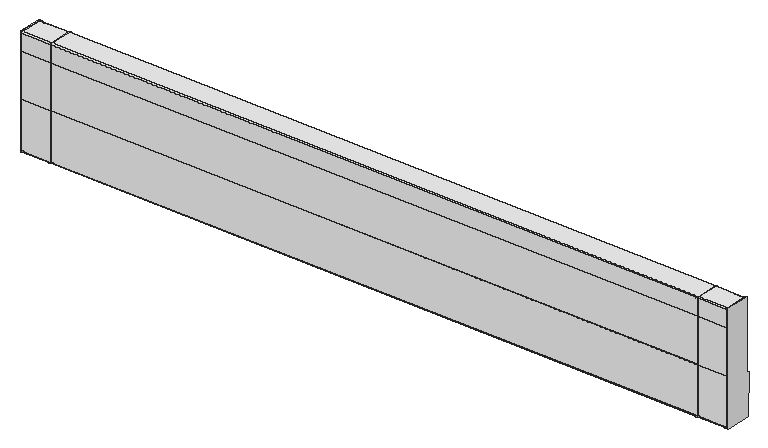
Revit family "ERA-W-DI", category Lighting Fixtures, host Face, Revit 2018
Family settings
  Host = Face
  Round Connector Dimension = Use Diameter
  Part Type = Normal
  Cut with Voids When Loaded = No
  Light Source = Yes
  Shared = Yes
  Room Calculation Point = Yes
Parameters (values of type "4' Direct/ Indirect")
  Wattage = 31.4353 W
  built-in parameter 1150110 = 1 (stored number, unit not read)
  Voltage = 0 V
  built-in parameter 1114217 = 1 (stored number, unit not read)
  built-in parameter 1150109 = 1 (stored number, unit not read)
  built-in parameter 1150134 = 12
  Switch Leg Visibility = no
  Switch Leg [instance] = ""
  built-in parameter 1150113 = 1 (stored number, unit not read)
  Material [instance] = LUX ILLUMINAIRE White
  built-in parameter 1150105 = 850.52 (stored number, unit not read)
  Lumens = 2672 lm
  built-in parameter 1150115 = 1 (stored number, unit not read)
  Light Source Symbol Size = 2' - 0"
  built-in parameter 1150137 = (empty or 0)
  built-in parameter 1150139 = (empty or 0)
  built-in parameter 1150112 = 1 (stored number, unit not read)
  built-in parameter 1150114 = 1 (stored number, unit not read)
  Lamp = "LED"
  built-in parameter 1150132 = 2
  built-in parameter 1150102 = (empty or 0)
  built-in parameter 1150107 = 4000 (stored number, unit not read)
  built-in parameter 1150138 = (empty or 0)
  built-in parameter 1150106 = 8.5052 (stored number, unit not read)
  Fixture Width = 0' - 3 19/128"  # constant formula
  Fixture Symbol Visiblity = yes
  Fixture Length = 3' - 11.99935"
  Emit from Rectangle Width = Fixture Width - 0' 0 1/4"  # 0' - 2 115/128"
  Emit from Rectangle Length = Fixture Length - 0' 4"  # 3' - 7.99935"
  Emit Shape Visible in Rendering = yes
  Emergency Lighting [instance] = no
  built-in parameter 1150104 = 7.8968 (stored number, unit not read)
  Dimming Lamp Color Temperature Shift = <None>
  Default Elevation = 7' - 0"
  Color Filter = 16777215
  built-in parameter 1140040 [instance] = 1
  built-in parameter 1114218 = 1 (stored number, unit not read)
  built-in parameter 1150133 = 10 (stored number, unit not read)
  Apparent Load = 23 VA
Types (2): name | Wattage | built-in parameter 1150105 | Lumens | built-in parameter 1150106 | Fixture Length | Emit from Rectangle Length | Apparent Load
  4' Direct/ Indirect | 31.4353 W | 850.52 (stored number, unit not read) | 2672 lm | 8.5052 (stored number, unit not read) | 3' - 11.99935" | 3' - 7.99935" | 23 VA
  8' Direct/ Indirect | 62.8706 W | 1701 (stored number, unit not read) | 5344 lm | 17.01 (stored number, unit not read) | 8' - 0" | 7' - 8" | 46 VA
Reference planes (in)
  plane 1 "Center (Front/Back)": y = 0
  plane 2: z = 0
  plane 3 "Center (Left/Right)": x = 0
  plane 4: x = 23.99967
  plane 5: x = -23.99967
  plane 6: z = 1
  plane 7: x = 22
  plane 8: x = -22
  plane 9: z = 3.14844
  plane 10: x = 24.0625
  plane 11: x = -24.0625
Forms (in)
  Extrusion 1, solid, not visible
    sketch origin (0, 0, 0) x (1, 0, 0) y (0, 1, 0)
      loop
        circle (0.00029, -24) r 0.1875
    from 0 to 1
  Extrusion 2, solid, not visible
    sketch origin (0, 0, 0) x (1, 0, 0) y (0, 1, 0)
      loop
        circle (0.0005, -24) r 0.03125
    from 1 to 13.33203
  Extrusion 3, solid, not visible
    sketch origin (0, 0, 0) x (1, 0, 0) y (0, 1, 0)
      loop
        circle (0.0005, -24) r 0.18729
    from 13.33203 to 14.08203
  Extrusion 4, solid, not visible
    sketch origin (0, 0, 0) x (0, 1, 0) y (0, 0, 1)
      loop
        line (3.30581, 2.37451) -> (3.49592, 2.71749)
        arc (3.49592, 2.71749) -> (3.51749, 2.73471) -> (3.54491, 2.73161) r 0.036
        line (3.54491, 2.73161) -> (3.63538, 2.68146) -> (3.79893, 2.5908) -> (3.88918, 2.54077)
        arc (3.88918, 2.54077) -> (3.90631, 2.51921) -> (3.90319, 2.49185) r 0.036
        line (3.90319, 2.49185) -> (3.16744, 1.16453)
        arc (3.16744, 1.16453) -> (3.16837, 1.09308) -> (3.23041, 1.05762) r 0.072
        line (3.23041, 1.05762) -> (6.36923, 1.05762) -> (6.36923, 1.09362) -> (9.30923, 1.09362) -> (9.30923, 1.05762) -> (10.4157, 1.05762)
        arc (10.4157, 1.05762) -> (10.46659, 1.07868) -> (10.4877, 1.12954) r 0.072
        line (10.4877, 1.12954) -> (10.4877, 2.57342)
        arc (10.4877, 2.57342) -> (10.45207, 2.63564) -> (10.38036, 2.63623) r 0.072
        line (10.38036, 2.63623) -> (9.91151, 2.37246)
        arc (9.91151, 2.37246) -> (9.88815, 2.35135) -> (9.87604, 2.32229) r 0.072
        line (9.87604, 2.32229) -> (9.67416, 1.20311)
        arc (9.67416, 1.20311) -> (9.66182, 1.18179) -> (9.63866, 1.1734) r 0.036
        line (9.63866, 1.1734) -> (6.01429, 1.17313)
        arc (6.01429, 1.17313) -> (5.99112, 1.18149) -> (5.97875, 1.20279) r 0.036
        line (5.97875, 1.20279) -> (5.74567, 2.48082)
        arc (5.74567, 2.48082) -> (5.75347, 2.51023) -> (5.78101, 2.52316) r 0.036
        line (5.78101, 2.52316) -> (6.5852, 2.52536)
        arc (6.5852, 2.52536) -> (6.62251, 2.56287) -> (6.585, 2.60018) r 0.03741
        line (6.585, 2.60018) -> (3.86937, 2.59292) -> (3.56236, 2.7631)
        arc (3.56236, 2.7631) -> (3.50766, 2.76935) -> (3.46453, 2.73511) r 0.072
        line (3.46453, 2.73511) -> (3.27432, 2.39197) -> (3.30581, 2.37451)
    from -22 to 22
  Extrusion 5, solid, not visible
    sketch origin (0, 0, 0) x (0, 1, 0) y (0, 0, 1)
      loop
        line (3.27432, 2.39197) -> (3.30581, 2.37451) -> (3.49592, 2.71749)
        arc (3.49592, 2.71749) -> (3.51749, 2.73471) -> (3.54491, 2.73161) r 0.036
        line (3.54491, 2.73161) -> (3.63538, 2.68146) -> (3.79893, 2.5908) -> (3.88918, 2.54077)
        arc (3.88918, 2.54077) -> (3.90631, 2.51921) -> (3.90319, 2.49185) r 0.036
        line (3.90319, 2.49185) -> (3.16744, 1.16453)
        arc (3.16744, 1.16453) -> (3.16837, 1.09308) -> (3.23041, 1.05762) r 0.072
        line (3.23041, 1.05762) -> (6.36923, 1.05762) -> (9.30923, 1.05762) -> (10.4157, 1.05762)
        arc (10.4157, 1.05762) -> (10.46662, 1.07871) -> (10.4877, 1.12962) r 0.072
        line (10.4877, 1.12962) -> (10.4877, 2.5735)
        arc (10.4877, 2.5735) -> (10.45205, 2.63565) -> (10.3804, 2.63625) r 0.072
        line (10.3804, 2.63625) -> (9.91151, 2.37246)
        arc (9.91151, 2.37246) -> (9.88815, 2.35135) -> (9.87604, 2.32229) r 0.072
        line (9.87604, 2.32229) -> (9.67416, 1.20311)
        arc (9.67416, 1.20311) -> (9.66182, 1.18179) -> (9.63866, 1.1734) r 0.036
        line (9.63866, 1.1734) -> (6.01429, 1.17313)
        arc (6.01429, 1.17313) -> (5.99112, 1.18149) -> (5.97875, 1.20279) r 0.036
        line (5.97875, 1.20279) -> (5.74567, 2.48082)
        arc (5.74567, 2.48082) -> (5.75347, 2.51023) -> (5.78101, 2.52316) r 0.036
        line (5.78101, 2.52316) -> (6.5852, 2.52536)
        arc (6.5852, 2.52536) -> (6.62251, 2.56287) -> (6.585, 2.60018) r 0.03741
        line (6.585, 2.60018) -> (3.86937, 2.59292) -> (3.56236, 2.7631)
        arc (3.56236, 2.7631) -> (3.50766, 2.76935) -> (3.46453, 2.73511) r 0.072
        line (3.46453, 2.73511) -> (3.27432, 2.39197)
    from 22 to 24
  Extrusion 6, solid, not visible
    sketch origin (0, 0, 0) x (0, 1, 0) y (0, 0, -1)
      loop
        line (3.27432, -2.39197) -> (3.46453, -2.73511)
        arc (3.46453, -2.73511) -> (3.50766, -2.76935) -> (3.56236, -2.7631) r 0.072
        line (3.56236, -2.7631) -> (3.86937, -2.59292) -> (6.585, -2.60018)
        arc (6.585, -2.60018) -> (6.62251, -2.56287) -> (6.5852, -2.52536) r 0.03741
        line (6.5852, -2.52536) -> (5.78101, -2.52316)
        arc (5.78101, -2.52316) -> (5.75347, -2.51023) -> (5.74567, -2.48082) r 0.036
        line (5.74567, -2.48082) -> (5.97875, -1.20279)
        arc (5.97875, -1.20279) -> (5.99112, -1.18149) -> (6.01429, -1.17313) r 0.036
        line (6.01429, -1.17313) -> (9.63866, -1.1734)
        arc (9.63866, -1.1734) -> (9.66182, -1.18179) -> (9.67416, -1.20311) r 0.036
        line (9.67416, -1.20311) -> (9.87604, -2.32229)
        arc (9.87604, -2.32229) -> (9.88815, -2.35135) -> (9.91151, -2.37246) r 0.072
        line (9.91151, -2.37246) -> (10.3804, -2.63625)
        arc (10.3804, -2.63625) -> (10.45205, -2.63565) -> (10.4877, -2.5735) r 0.072
        line (10.4877, -2.5735) -> (10.4877, -1.12962)
        arc (10.4877, -1.12962) -> (10.46662, -1.07871) -> (10.4157, -1.05762) r 0.072
        line (10.4157, -1.05762) -> (9.30923, -1.05762) -> (6.36923, -1.05762) -> (3.23041, -1.05762)
        arc (3.23041, -1.05762) -> (3.16837, -1.09308) -> (3.16744, -1.16453) r 0.072
        line (3.16744, -1.16453) -> (3.90319, -2.49185)
        arc (3.90319, -2.49185) -> (3.90631, -2.51921) -> (3.88918, -2.54077) r 0.036
        line (3.88918, -2.54077) -> (3.79893, -2.5908) -> (3.63538, -2.68146) -> (3.54491, -2.73161)
        arc (3.54491, -2.73161) -> (3.51749, -2.73471) -> (3.49592, -2.71749) r 0.036
        line (3.49592, -2.71749) -> (3.30581, -2.37451) -> (3.27432, -2.39197)
    from 22 to 24
  Extrusion 7, solid, not visible
    sketch origin (0, 0, 0) x (0, 1, 0) y (0, 0, 1)
      loop
        line (3.14702, 2.71777) -> (3.14702, 1.13762)
        arc (3.14702, 1.13762) -> (3.17046, 1.08105) -> (3.22702, 1.05762) r 0.08
        line (3.22702, 1.05762) -> (6.82136, 1.05762) -> (10.4157, 1.05762)
        arc (10.4157, 1.05762) -> (10.47227, 1.08105) -> (10.4957, 1.13762) r 0.08
        line (10.4957, 1.13762) -> (10.4957, 2.61014)
        arc (10.4957, 2.61014) -> (10.47227, 2.66671) -> (10.4157, 2.69014) r 0.08
        line (10.4157, 2.69014) -> (5.93299, 2.69014)
        arc (5.93299, 2.69014) -> (5.90753, 2.70069) -> (5.89699, 2.72614) r 0.036
        line (5.89699, 2.72614) -> (5.89699, 2.76177)
        arc (5.89699, 2.76177) -> (5.88644, 2.78722) -> (5.86099, 2.79777) r 0.036
        line (5.86099, 2.79777) -> (3.22702, 2.79777)
        arc (3.22702, 2.79777) -> (3.17046, 2.77434) -> (3.14702, 2.71777) r 0.08
    from 24 to 24.0625
  Extrusion 8, solid, not visible
    sketch origin (0, 0, 0) x (0, 1, 0) y (0, 0, -1)
      loop
        arc (3.14702, -2.71777) -> (3.17046, -2.77434) -> (3.22702, -2.79777) r 0.08
        line (3.22702, -2.79777) -> (5.86099, -2.79777)
        arc (5.86099, -2.79777) -> (5.88644, -2.78722) -> (5.89699, -2.76177) r 0.036
        line (5.89699, -2.76177) -> (5.89699, -2.72614)
        arc (5.89699, -2.72614) -> (5.90753, -2.70069) -> (5.93299, -2.69014) r 0.036
        line (5.93299, -2.69014) -> (10.4157, -2.69014)
        arc (10.4157, -2.69014) -> (10.47227, -2.66671) -> (10.4957, -2.61014) r 0.08
        line (10.4957, -2.61014) -> (10.4957, -1.13762)
        arc (10.4957, -1.13762) -> (10.47227, -1.08105) -> (10.4157, -1.05762) r 0.08
        line (10.4157, -1.05762) -> (6.82136, -1.05762) -> (3.22702, -1.05762)
        arc (3.22702, -1.05762) -> (3.17046, -1.08105) -> (3.14702, -1.13762) r 0.08
        line (3.14702, -1.13762) -> (3.14702, -2.71777)
    from 24 to 24.0625
  Extrusion 9, solid, material "LUX ILLUMINAIRE White" <- "Material"
    sketch origin (0, -2.69492, -3.11938) x (0, 0, 1) y (0, -1, 0)
      loop
        line (3.30581, -2.37451) -> (3.27432, -2.39197) -> (3.46453, -2.73511)
        arc (3.46453, -2.73511) -> (3.50766, -2.76935) -> (3.56236, -2.7631) r 0.072
        line (3.56236, -2.7631) -> (3.86937, -2.59292) -> (6.585, -2.60018)
        arc (6.585, -2.60018) -> (6.62251, -2.56287) -> (6.5852, -2.52536) r 0.03741
        line (6.5852, -2.52536) -> (5.78101, -2.52316)
        arc (5.78101, -2.52316) -> (5.75347, -2.51023) -> (5.74567, -2.48082) r 0.036
        line (5.74567, -2.48082) -> (5.97875, -1.20279)
        arc (5.97875, -1.20279) -> (5.99112, -1.18149) -> (6.01429, -1.17313) r 0.036
        line (6.01429, -1.17313) -> (9.63866, -1.1734)
        arc (9.63866, -1.1734) -> (9.66182, -1.18179) -> (9.67416, -1.20311) r 0.036
        line (9.67416, -1.20311) -> (9.87604, -2.32229)
        arc (9.87604, -2.32229) -> (9.88815, -2.35135) -> (9.91151, -2.37246) r 0.072
        line (9.91151, -2.37246) -> (10.38036, -2.63623)
        arc (10.38036, -2.63623) -> (10.45207, -2.63564) -> (10.4877, -2.57342) r 0.072
        line (10.4877, -2.57342) -> (10.4877, -1.12954)
        arc (10.4877, -1.12954) -> (10.46659, -1.07868) -> (10.4157, -1.05762) r 0.072
        line (10.4157, -1.05762) -> (9.30923, -1.05762) -> (9.30923, -1.09362) -> (6.36923, -1.09362) -> (6.36923, -1.05762) -> (3.23041, -1.05762)
        arc (3.23041, -1.05762) -> (3.16837, -1.09308) -> (3.16744, -1.16453) r 0.072
        line (3.16744, -1.16453) -> (3.90319, -2.49185)
        arc (3.90319, -2.49185) -> (3.90631, -2.51921) -> (3.88918, -2.54077) r 0.036
        line (3.88918, -2.54077) -> (3.79893, -2.5908) -> (3.63538, -2.68146) -> (3.54491, -2.73161)
        arc (3.54491, -2.73161) -> (3.51749, -2.73471) -> (3.49592, -2.71749) r 0.036
        line (3.49592, -2.71749) -> (3.30581, -2.37451)
    from -22 to 22
  Extrusion 10, solid, material "LUX ILLUMINAIRE White" <- "Material"
    sketch origin (0, -2.69492, -3.11938) x (0, 0, 1) y (0, -1, 0)
      loop
        line (3.27432, -2.39197) -> (3.46453, -2.73511)
        arc (3.46453, -2.73511) -> (3.50766, -2.76935) -> (3.56236, -2.7631) r 0.072
        line (3.56236, -2.7631) -> (3.86937, -2.59292) -> (6.585, -2.60018)
        arc (6.585, -2.60018) -> (6.62251, -2.56287) -> (6.5852, -2.52536) r 0.03741
        line (6.5852, -2.52536) -> (5.78101, -2.52316)
        arc (5.78101, -2.52316) -> (5.75347, -2.51023) -> (5.74567, -2.48082) r 0.036
        line (5.74567, -2.48082) -> (5.97875, -1.20279)
        arc (5.97875, -1.20279) -> (5.99112, -1.18149) -> (6.01429, -1.17313) r 0.036
        line (6.01429, -1.17313) -> (9.63866, -1.1734)
        arc (9.63866, -1.1734) -> (9.66182, -1.18179) -> (9.67416, -1.20311) r 0.036
        line (9.67416, -1.20311) -> (9.87604, -2.32229)
        arc (9.87604, -2.32229) -> (9.88815, -2.35135) -> (9.91151, -2.37246) r 0.072
        line (9.91151, -2.37246) -> (10.38036, -2.63623)
        arc (10.38036, -2.63623) -> (10.45207, -2.63564) -> (10.4877, -2.57342) r 0.072
        line (10.4877, -2.57342) -> (10.4877, -1.12954)
        arc (10.4877, -1.12954) -> (10.46659, -1.07868) -> (10.4157, -1.05762) r 0.072
        line (10.4157, -1.05762) -> (9.30923, -1.05762) -> (6.36923, -1.05762) -> (3.23041, -1.05762)
        arc (3.23041, -1.05762) -> (3.16837, -1.09308) -> (3.16744, -1.16453) r 0.072
        line (3.16744, -1.16453) -> (3.90319, -2.49185)
        arc (3.90319, -2.49185) -> (3.90631, -2.51921) -> (3.88918, -2.54077) r 0.036
        line (3.88918, -2.54077) -> (3.79893, -2.5908) -> (3.63538, -2.68146) -> (3.54491, -2.73161)
        arc (3.54491, -2.73161) -> (3.51749, -2.73471) -> (3.49592, -2.71749) r 0.036
        line (3.49592, -2.71749) -> (3.30581, -2.37451) -> (3.27432, -2.39197)
    from 22 to 23.99967
  Extrusion 11, solid, material "LUX ILLUMINAIRE White" <- "Material"
    sketch origin (0, -2.69492, -3.11938) x (0, 0, 1) y (0, 1, 0)
      loop
        line (3.27432, 2.39197) -> (3.30581, 2.37451) -> (3.49592, 2.71749)
        arc (3.49592, 2.71749) -> (3.51749, 2.73471) -> (3.54491, 2.73161) r 0.036
        line (3.54491, 2.73161) -> (3.63538, 2.68146) -> (3.79893, 2.5908) -> (3.88918, 2.54077)
        arc (3.88918, 2.54077) -> (3.90631, 2.51921) -> (3.90319, 2.49185) r 0.036
        line (3.90319, 2.49185) -> (3.16744, 1.16453)
        arc (3.16744, 1.16453) -> (3.16837, 1.09308) -> (3.23041, 1.05762) r 0.072
        line (3.23041, 1.05762) -> (6.36923, 1.05762) -> (9.30923, 1.05762) -> (10.4157, 1.05762)
        arc (10.4157, 1.05762) -> (10.46659, 1.07868) -> (10.4877, 1.12954) r 0.072
        line (10.4877, 1.12954) -> (10.4877, 2.57342)
        arc (10.4877, 2.57342) -> (10.45207, 2.63564) -> (10.38036, 2.63623) r 0.072
        line (10.38036, 2.63623) -> (9.91151, 2.37246)
        arc (9.91151, 2.37246) -> (9.88815, 2.35135) -> (9.87604, 2.32229) r 0.072
        line (9.87604, 2.32229) -> (9.67416, 1.20311)
        arc (9.67416, 1.20311) -> (9.66182, 1.18179) -> (9.63866, 1.1734) r 0.036
        line (9.63866, 1.1734) -> (6.01429, 1.17313)
        arc (6.01429, 1.17313) -> (5.99112, 1.18149) -> (5.97875, 1.20279) r 0.036
        line (5.97875, 1.20279) -> (5.74567, 2.48082)
        arc (5.74567, 2.48082) -> (5.75347, 2.51023) -> (5.78101, 2.52316) r 0.036
        line (5.78101, 2.52316) -> (6.5852, 2.52536)
        arc (6.5852, 2.52536) -> (6.62251, 2.56287) -> (6.585, 2.60018) r 0.03741
        line (6.585, 2.60018) -> (3.86937, 2.59292) -> (3.56236, 2.7631)
        arc (3.56236, 2.7631) -> (3.50766, 2.76935) -> (3.46453, 2.73511) r 0.072
        line (3.46453, 2.73511) -> (3.27432, 2.39197)
    from 23.99967 to 22
  Extrusion 12, solid, material "LUX ILLUMINAIRE White" <- "Material"
    sketch origin (0, -2.69492, -3.11938) x (0, 0, 1) y (0, -1, 0)
      loop
        arc (3.14702, -2.71777) -> (3.17046, -2.77434) -> (3.22702, -2.79777) r 0.08
        line (3.22702, -2.79777) -> (5.86099, -2.79777)
        arc (5.86099, -2.79777) -> (5.88644, -2.78722) -> (5.89699, -2.76177) r 0.036
        line (5.89699, -2.76177) -> (5.89699, -2.72614)
        arc (5.89699, -2.72614) -> (5.90753, -2.70069) -> (5.93299, -2.69014) r 0.036
        line (5.93299, -2.69014) -> (10.4157, -2.69014)
        arc (10.4157, -2.69014) -> (10.47227, -2.66671) -> (10.4957, -2.61014) r 0.08
        line (10.4957, -2.61014) -> (10.4957, -1.13762)
        arc (10.4957, -1.13762) -> (10.47227, -1.08105) -> (10.4157, -1.05762) r 0.08
        line (10.4157, -1.05762) -> (6.82136, -1.05762) -> (3.22702, -1.05762)
        arc (3.22702, -1.05762) -> (3.17046, -1.08105) -> (3.14702, -1.13762) r 0.08
        line (3.14702, -1.13762) -> (3.14702, -2.71777)
    from 23.99967 to 24.0625
  Extrusion 13, solid, material "LUX ILLUMINAIRE White" <- "Material"
    sketch origin (0, -2.69492, -3.11938) x (0, 0, 1) y (0, 1, 0)
      loop
        line (3.14702, 2.71777) -> (3.14702, 1.13762)
        arc (3.14702, 1.13762) -> (3.17046, 1.08105) -> (3.22702, 1.05762) r 0.08
        line (3.22702, 1.05762) -> (6.82136, 1.05762) -> (10.4157, 1.05762)
        arc (10.4157, 1.05762) -> (10.47227, 1.08105) -> (10.4957, 1.13762) r 0.08
        line (10.4957, 1.13762) -> (10.4957, 2.61014)
        arc (10.4957, 2.61014) -> (10.47227, 2.66671) -> (10.4157, 2.69014) r 0.08
        line (10.4157, 2.69014) -> (5.93299, 2.69014)
        arc (5.93299, 2.69014) -> (5.90753, 2.70069) -> (5.89699, 2.72614) r 0.036
        line (5.89699, 2.72614) -> (5.89699, 2.76177)
        arc (5.89699, 2.76177) -> (5.88644, 2.78722) -> (5.86099, 2.79777) r 0.036
        line (5.86099, 2.79777) -> (3.22702, 2.79777)
        arc (3.22702, 2.79777) -> (3.17046, 2.77434) -> (3.14702, 2.71777) r 0.08
    from 23.99967 to 24.0625
Lines and regions (in)
  symbolic lines, visible <- "Fixture Symbol Visiblity"
    curve 1: line (23.99967, 0, 7.43631) -> (-23.99967, 0, 7.43631)
    curve 2: line (23.99967, 0, 0.09334) -> (23.99967, 0, 7.43631)
    curve 3: line (-23.99967, 0, 0.09334) -> (23.99967, 0, 0.09334)
    curve 4: line (-23.99967, 0, 7.43631) -> (-23.99967, 0, 0.09334)
Dimensions and locks (in)
  plane 5 to plane 4 = 3' - 11.99935"
  plane 4 to plane 5 = 3' - 11.99935"
  equal spacing: plane 4, plane 3 "Center (Left/Right)", plane 5
  "Fixture Length": plane 4 to plane 5
  "Fixture Width": plane 9 to level
  locked: plane 8 to plane 5 at 1.99967
  locked: plane 4 to plane 7 at 1.99967
  locked: plane 5 to plane 11 at 0.06283
  locked: plane 4 to plane 10 at 0.06283
  aligned and locked: plane 2 to host face
  aligned and locked: level to host face
  aligned and locked: plane 5 to curve 4
  aligned and locked: curve 2 to plane 4
  aligned and locked: plane 4 to nested 2
  aligned and locked: nested 2 to plane 5
  aligned and locked: plane 11 to Extrusion 13
  aligned and locked: plane 5 to Extrusion 13
  aligned and locked: Extrusion 11 to plane 5
  aligned and locked: plane 8 to Extrusion 11
  aligned and locked: Extrusion 9 to plane 8
  aligned and locked: Extrusion 12 to plane 10
  aligned and locked: Extrusion 12 to plane 4
  aligned and locked: plane 4 to Extrusion 10
  aligned and locked: Extrusion 10 to plane 7
  aligned and locked: plane 7 to Extrusion 9
Automatic sketch dimensions
  Extrusion 4 sketch curve to Extrusion 4 sketch curve = 0' - 0"  (x17)
  Extrusion 4 sketch curve to Extrusion 4 sketch curve = 0' - 0.04391"
  Extrusion 4 sketch curve to Extrusion 4 sketch curve = 0' - 0.03149"  (x2)
  Extrusion 4 sketch curve to Extrusion 4 sketch curve = 0' - 0.19021"
  Extrusion 4 sketch curve to Extrusion 4 sketch curve = 0' - 0.03139"
  Extrusion 4 sketch curve to Extrusion 4 sketch curve = 0' - 0.03154"
  Extrusion 4 sketch curve to Extrusion 4 sketch curve = 0' - 0.10792"
  Extrusion 4 sketch curve to Extrusion 4 sketch curve = 0' - 0.16355"
  Extrusion 4 sketch curve to Extrusion 4 sketch curve = 0' - 0.07043"
  Extrusion 4 sketch curve to Extrusion 4 sketch curve = 0' - 0.00233"
  Extrusion 4 sketch curve to Extrusion 4 sketch curve = 0' - 0.01749"
  Extrusion 4 sketch curve to Extrusion 4 sketch curve = 0' - 1.85649"
  Extrusion 4 sketch curve to Extrusion 4 sketch curve = 0' - 0.03544"  (x2)
  Extrusion 4 sketch curve to Extrusion 4 sketch curve = 0' - 0.23308"
  Extrusion 4 sketch curve to Extrusion 4 sketch curve = 0' - 0.0001"  (x4)
  Extrusion 4 sketch curve to Extrusion 4 sketch curve = 0' - 0.35494"
  Extrusion 4 sketch curve to Extrusion 4 sketch curve = 0' - 0.80399"
  Extrusion 4 sketch curve to Extrusion 4 sketch curve = 0' - 2.94"
  Extrusion 4 sketch curve to Extrusion 4 sketch curve = 0' - 0.32943"
  Extrusion 4 sketch curve to Extrusion 4 sketch curve = 0' - 0.00006"
  Extrusion 4 sketch curve to Extrusion 4 sketch curve = 0' - 0.03545"
  Extrusion 4 sketch curve to Extrusion 4 sketch curve = 0' - 0.20188"
  Extrusion 4 sketch curve to Extrusion 4 sketch curve = 0' - 0.03547"
  Extrusion 4 sketch curve to Extrusion 4 sketch curve = 0' - 0.07091"
  Extrusion 4 sketch curve to Extrusion 4 sketch curve = 0' - 0.46886"
  Extrusion 4 sketch curve to Extrusion 4 sketch curve = 0' - 0.74154"
  Extrusion 4 sketch curve to Extrusion 4 sketch curve = 0' - 0.03534"
  Extrusion 4 sketch curve to Extrusion 4 sketch curve = 0' - 0.072"  (x2)
  Extrusion 4 sketch curve to Extrusion 4 sketch curve = 0' - 0.036"
  Extrusion 4 sketch curve to Extrusion 4 sketch curve = 0' - 0.07192"
  Extrusion 4 sketch curve to Extrusion 4 sketch curve = 0' - 0.07951"
  Extrusion 4 sketch curve to Extrusion 4 sketch curve = 0' - 0.07978"
  Extrusion 4 sketch curve to Extrusion 4 sketch curve = 0' - 0.02966"
  Extrusion 4 sketch curve to Extrusion 4 sketch curve = 0' - 0.0297"
  Extrusion 4 sketch curve to Extrusion 4 sketch curve = 0' - 1.10668"
  Extrusion 4 sketch curve to Extrusion 4 sketch curve = 0' - 0.0125"
  Extrusion 4 sketch curve to Extrusion 4 sketch curve = 0' - 1.24489"
  Extrusion 4 sketch curve to Extrusion 4 sketch curve = 0' - 0.01745"  (x3)
  Extrusion 4 sketch curve to Extrusion 4 sketch curve = 0' - 1.27803"
  Extrusion 4 sketch curve to Extrusion 4 sketch curve = 0' - 0.00634"
  Extrusion 4 sketch curve to Extrusion 4 sketch curve = 0' - 0.13479"
  Extrusion 4 sketch curve to Extrusion 4 sketch curve = 0' - 0.03147"
  Extrusion 4 sketch curve to Extrusion 4 sketch curve = 0' - 0.07561"
  Extrusion 4 sketch curve to Extrusion 4 sketch curve = 0' - 0.26363"
  Extrusion 4 sketch curve to Extrusion 4 sketch curve = 0' - 0.00008"
  Extrusion 4 sketch curve to Extrusion 4 sketch curve = 0' - 0.05003"
  Extrusion 4 sketch curve to Extrusion 4 sketch curve = 0' - 0.05215"
  Extrusion 4 sketch curve to Extrusion 4 sketch curve = 0' - 0.09066"
  Extrusion 4 sketch curve to Extrusion 4 sketch curve = 0' - 0.01866"
  Extrusion 4 sketch curve to Extrusion 4 sketch curve = 0' - 0.01736"
  Extrusion 4 sketch curve to Extrusion 4 sketch curve = 0' - 0.01762"
  Extrusion 4 sketch curve to Extrusion 4 sketch curve = 0' - 0.06297"
  Extrusion 4 sketch curve to Extrusion 4 sketch curve = 0' - 0.03741"
  Extrusion 5 sketch curve to Extrusion 5 sketch curve = 0' - 0"  (x21)
  Extrusion 5 sketch curve to Extrusion 5 sketch curve = 0' - 0.04391"
  Extrusion 5 sketch curve to Extrusion 5 sketch curve = 0' - 0.03149"  (x2)
  Extrusion 5 sketch curve to Extrusion 5 sketch curve = 0' - 0.19021"
  Extrusion 5 sketch curve to Extrusion 5 sketch curve = 0' - 0.03139"
  Extrusion 5 sketch curve to Extrusion 5 sketch curve = 0' - 0.03154"
  Extrusion 5 sketch curve to Extrusion 5 sketch curve = 0' - 0.34191"
  Extrusion 5 sketch curve to Extrusion 5 sketch curve = 0' - 0.00233"
  Extrusion 5 sketch curve to Extrusion 5 sketch curve = 0' - 0.01749"
  Extrusion 5 sketch curve to Extrusion 5 sketch curve = 0' - 1.85649"
  Extrusion 5 sketch curve to Extrusion 5 sketch curve = 0' - 0.03544"  (x2)
  Extrusion 5 sketch curve to Extrusion 5 sketch curve = 0' - 0.23308"
  Extrusion 5 sketch curve to Extrusion 5 sketch curve = 0' - 0.0001"  (x4)
  Extrusion 5 sketch curve to Extrusion 5 sketch curve = 0' - 0.35494"
  Extrusion 5 sketch curve to Extrusion 5 sketch curve = 0' - 0.80399"
  Extrusion 5 sketch curve to Extrusion 5 sketch curve = 0' - 2.94"
  Extrusion 5 sketch curve to Extrusion 5 sketch curve = 0' - 0.32943"
  Extrusion 5 sketch curve to Extrusion 5 sketch curve = 0' - 0.00006"
  Extrusion 5 sketch curve to Extrusion 5 sketch curve = 0' - 0.03545"
  Extrusion 5 sketch curve to Extrusion 5 sketch curve = 0' - 0.20188"
  Extrusion 5 sketch curve to Extrusion 5 sketch curve = 0' - 0.03547"
  Extrusion 5 sketch curve to Extrusion 5 sketch curve = 0' - 0.07091"
  Extrusion 5 sketch curve to Extrusion 5 sketch curve = 0' - 0.46889"
  Extrusion 5 sketch curve to Extrusion 5 sketch curve = 0' - 0.74154"
  Extrusion 5 sketch curve to Extrusion 5 sketch curve = 0' - 0.0353"
  Extrusion 5 sketch curve to Extrusion 5 sketch curve = 0' - 0.072"  (x3)
  Extrusion 5 sketch curve to Extrusion 5 sketch curve = 0' - 0.11551"
  Extrusion 5 sketch curve to Extrusion 5 sketch curve = 0' - 0.11578"
  Extrusion 5 sketch curve to Extrusion 5 sketch curve = 0' - 0.02966"
  Extrusion 5 sketch curve to Extrusion 5 sketch curve = 0' - 0.0297"
  Extrusion 5 sketch curve to Extrusion 5 sketch curve = 0' - 1.10668"
  Extrusion 5 sketch curve to Extrusion 5 sketch curve = 0' - 0.0125"
  Extrusion 5 sketch curve to Extrusion 5 sketch curve = 0' - 1.24489"
  Extrusion 5 sketch curve to Extrusion 5 sketch curve = 0' - 0.01745"  (x3)
  Extrusion 5 sketch curve to Extrusion 5 sketch curve = 0' - 1.27803"
  Extrusion 5 sketch curve to Extrusion 5 sketch curve = 0' - 0.00634"
  Extrusion 5 sketch curve to Extrusion 5 sketch curve = 0' - 0.13479"
  Extrusion 5 sketch curve to Extrusion 5 sketch curve = 0' - 0.03147"
  Extrusion 5 sketch curve to Extrusion 5 sketch curve = 0' - 0.07561"
  Extrusion 5 sketch curve to Extrusion 5 sketch curve = 0' - 0.26371"
  Extrusion 5 sketch curve to Extrusion 5 sketch curve = 0' - 0.05215"
  Extrusion 5 sketch curve to Extrusion 5 sketch curve = 0' - 0.1072"
  Extrusion 5 sketch curve to Extrusion 5 sketch curve = 0' - 0.01736"
  Extrusion 5 sketch curve to Extrusion 5 sketch curve = 0' - 0.01762"
  Extrusion 5 sketch curve to Extrusion 5 sketch curve = 0' - 0.06297"
  Extrusion 5 sketch curve to Extrusion 5 sketch curve = 0' - 0.09047"
  Extrusion 5 sketch curve to Extrusion 5 sketch curve = 0' - 0.07043"
  Extrusion 5 sketch curve to Extrusion 5 sketch curve = 0' - 0.03741"
  Extrusion 5 sketch curve to Extrusion 5 sketch curve = 0' - 0.00212"
  Extrusion 5 sketch curve to Extrusion 5 sketch curve = 0' - 0.05015"
  Extrusion 6 sketch curve to Extrusion 6 sketch curve = 0' - 0"  (x21)
  Extrusion 6 sketch curve to Extrusion 6 sketch curve = 0' - 0.04391"
  Extrusion 6 sketch curve to Extrusion 6 sketch curve = 0' - 0.03149"  (x2)
  Extrusion 6 sketch curve to Extrusion 6 sketch curve = 0' - 0.19021"
  Extrusion 6 sketch curve to Extrusion 6 sketch curve = 0' - 0.03139"
  Extrusion 6 sketch curve to Extrusion 6 sketch curve = 0' - 0.03154"
  Extrusion 6 sketch curve to Extrusion 6 sketch curve = 0' - 0.34191"
  Extrusion 6 sketch curve to Extrusion 6 sketch curve = 0' - 0.00233"
  Extrusion 6 sketch curve to Extrusion 6 sketch curve = 0' - 0.01749"
  Extrusion 6 sketch curve to Extrusion 6 sketch curve = 0' - 1.85649"
  Extrusion 6 sketch curve to Extrusion 6 sketch curve = 0' - 0.03544"  (x2)
  Extrusion 6 sketch curve to Extrusion 6 sketch curve = 0' - 0.23308"
  Extrusion 6 sketch curve to Extrusion 6 sketch curve = 0' - 0.0001"  (x4)
  Extrusion 6 sketch curve to Extrusion 6 sketch curve = 0' - 0.35494"
  Extrusion 6 sketch curve to Extrusion 6 sketch curve = 0' - 0.80399"
  Extrusion 6 sketch curve to Extrusion 6 sketch curve = 0' - 2.94"
  Extrusion 6 sketch curve to Extrusion 6 sketch curve = 0' - 0.32943"
  Extrusion 6 sketch curve to Extrusion 6 sketch curve = 0' - 0.00006"
  Extrusion 6 sketch curve to Extrusion 6 sketch curve = 0' - 0.03545"
  Extrusion 6 sketch curve to Extrusion 6 sketch curve = 0' - 0.20188"
  Extrusion 6 sketch curve to Extrusion 6 sketch curve = 0' - 0.03547"
  Extrusion 6 sketch curve to Extrusion 6 sketch curve = 0' - 0.07091"
  Extrusion 6 sketch curve to Extrusion 6 sketch curve = 0' - 0.46889"
  Extrusion 6 sketch curve to Extrusion 6 sketch curve = 0' - 0.74154"
  Extrusion 6 sketch curve to Extrusion 6 sketch curve = 0' - 0.0353"
  Extrusion 6 sketch curve to Extrusion 6 sketch curve = 0' - 0.072"
  Extrusion 6 sketch curve to Extrusion 6 sketch curve = 0' - 0.01762"
  Extrusion 6 sketch curve to Extrusion 6 sketch curve = 0' - 0.01736"
  Extrusion 6 sketch curve to Extrusion 6 sketch curve = 0' - 0.06387"
  Extrusion 6 sketch curve to Extrusion 6 sketch curve = 0' - 0.1072"
  Extrusion 6 sketch curve to Extrusion 6 sketch curve = 0' - 0.06275"
  Extrusion 6 sketch curve to Extrusion 6 sketch curve = 0' - 0.03015"
  Extrusion 6 sketch curve to Extrusion 6 sketch curve = 0' - 0.05215"
  Extrusion 6 sketch curve to Extrusion 6 sketch curve = 0' - 0.03147"
  Extrusion 6 sketch curve to Extrusion 6 sketch curve = 0' - 0.07561"
  Extrusion 6 sketch curve to Extrusion 6 sketch curve = 0' - 0.00634"  (x2)
  Extrusion 6 sketch curve to Extrusion 6 sketch curve = 0' - 0.34314"
  Extrusion 6 sketch curve to Extrusion 6 sketch curve = 0' - 0.01745"  (x3)
  Extrusion 6 sketch curve to Extrusion 6 sketch curve = 0' - 0.26379"
  Extrusion 6 sketch curve to Extrusion 6 sketch curve = 0' - 0.05017"
  Extrusion 6 sketch curve to Extrusion 6 sketch curve = 0' - 1.11288"
  Extrusion 6 sketch curve to Extrusion 6 sketch curve = 0' - 1.27803"
  Extrusion 6 sketch curve to Extrusion 6 sketch curve = 0' - 0.0063"
  Extrusion 6 sketch curve to Extrusion 6 sketch curve = 0' - 0.07348"
  Extrusion 6 sketch curve to Extrusion 6 sketch curve = 0' - 1.24489"
  Extrusion 6 sketch curve to Extrusion 6 sketch curve = 0' - 0.06297"
  Extrusion 6 sketch curve to Extrusion 6 sketch curve = 0' - 0.09047"
  Extrusion 6 sketch curve to Extrusion 6 sketch curve = 0' - 0.07043"
  Extrusion 6 sketch curve to Extrusion 6 sketch curve = 0' - 0.05015"
  Extrusion 6 sketch curve to Extrusion 6 sketch curve = 0' - 0.03741"
  Extrusion 6 sketch curve to Extrusion 6 sketch curve = 0' - 0.00212"
  Extrusion 7 sketch curve to Extrusion 7 sketch curve = 0' - 0.08"  (x3)
  Extrusion 7 sketch curve to Extrusion 7 sketch curve = 0' - 2.63397"
  Extrusion 7 sketch curve to Extrusion 7 sketch curve = 0' - 0.036"  (x2)
  Extrusion 7 sketch curve to Extrusion 7 sketch curve = 0' - 0.88837"
  Extrusion 7 sketch curve to Extrusion 7 sketch curve = 0' - 3.59434"
  Extrusion 7 sketch curve to Extrusion 7 sketch curve = 0' - 0"
  Extrusion 7 sketch curve to Extrusion 7 sketch curve = 0' - 1.47252"
  Extrusion 7 sketch curve to Extrusion 7 sketch curve = 0' - 1.58015"
  Extrusion 8 sketch curve to Extrusion 8 sketch curve = 0' - 0.08"  (x3)
  Extrusion 8 sketch curve to Extrusion 8 sketch curve = 0' - 2.63397"
  Extrusion 8 sketch curve to Extrusion 8 sketch curve = 0' - 0.036"  (x2)
  Extrusion 8 sketch curve to Extrusion 8 sketch curve = 0' - 0.88837"
  Extrusion 8 sketch curve to Extrusion 8 sketch curve = 0' - 3.59434"
  Extrusion 8 sketch curve to Extrusion 8 sketch curve = 0' - 0"
  Extrusion 8 sketch curve to Extrusion 8 sketch curve = 0' - 0.03562"
  Extrusion 8 sketch curve to Extrusion 8 sketch curve = 0' - 1.58015"
  host sketch curve to host sketch curve = 8' - 0"  (x2)
  Extrusion 9 sketch curve to Extrusion 9 sketch curve = 0' - 0"  (x13)
  level to Extrusion 9 sketch curve = 0' - 0.11103"
  level to Extrusion 9 sketch curve = 0' - 0.15494"
  Extrusion 9 sketch curve to Extrusion 9 sketch curve = 0' - 0.03149"  (x2)
  Extrusion 9 sketch curve to plane 1 "Center (Front/Back)" = 0' - 0.04019"
  level to Extrusion 9 sketch curve = 0' - 0.34515"
  Extrusion 9 sketch curve to plane 1 "Center (Front/Back)" = 0' - 0.02257"
  Extrusion 9 sketch curve to Extrusion 9 sketch curve = 0' - 0.03139"
  Extrusion 9 sketch curve to plane 1 "Center (Front/Back)" = 0' - 0.00521"
  Extrusion 9 sketch curve to Extrusion 9 sketch curve = 0' - 0.03154"
  plane 1 "Center (Front/Back)" to Extrusion 9 sketch curve = 0' - 0.01345"
  Extrusion 9 sketch curve to Extrusion 9 sketch curve = 0' - 0.10792"
  plane 1 "Center (Front/Back)" to Extrusion 9 sketch curve = 0' - 0.10411"
  Extrusion 9 sketch curve to Extrusion 9 sketch curve = 0' - 0.16355"
  plane 1 "Center (Front/Back)" to Extrusion 9 sketch curve = 0' - 0.102"
  Extrusion 9 sketch curve to Extrusion 9 sketch curve = 0' - 0.07043"
  Extrusion 9 sketch curve to Extrusion 9 sketch curve = 0' - 0.00233"
  Extrusion 9 sketch curve to Extrusion 9 sketch curve = 0' - 0.01749"
  plane 1 "Center (Front/Back)" to Extrusion 9 sketch curve = 0' - 0.2141"
  Extrusion 9 sketch curve to plane 9 = 0' - 0.52215"
  Extrusion 9 sketch curve to Extrusion 9 sketch curve = 0' - 0.03544"  (x3)
  Extrusion 9 sketch curve to plane 9 = 0' - 0 37/128"
  Extrusion 9 sketch curve to Extrusion 9 sketch curve = 0' - 0.0001"  (x4)
  plane 9 to Extrusion 9 sketch curve = 0' - 0.10141"
  plane 1 "Center (Front/Back)" to Extrusion 9 sketch curve = 0' - 0.13215"
  plane 9 to Extrusion 9 sketch curve = 0' - 0.31728"
  Extrusion 9 sketch curve to Extrusion 9 sketch curve = 0' - 2.94"
  plane 1 "Center (Front/Back)" to Extrusion 9 sketch curve = 0' - 1.52151"
  Extrusion 9 sketch curve to Extrusion 9 sketch curve = 0' - 0.32943"
  Extrusion 9 sketch curve to Extrusion 9 sketch curve = 0' - 0.00006"
  plane 1 "Center (Front/Back)" to Extrusion 9 sketch curve = 0' - 1.49181"
  Extrusion 9 sketch curve to Extrusion 9 sketch curve = 0' - 0.03545"
  plane 1 "Center (Front/Back)" to Extrusion 9 sketch curve = 0' - 0.37263"
  Extrusion 9 sketch curve to Extrusion 9 sketch curve = 0' - 0.20188"
  plane 1 "Center (Front/Back)" to Extrusion 9 sketch curve = 0' - 0.32246"
  Extrusion 9 sketch curve to Extrusion 9 sketch curve = 0' - 0.03547"
  plane 1 "Center (Front/Back)" to Extrusion 9 sketch curve = 0' - 0.05869"
  Extrusion 9 sketch curve to Extrusion 9 sketch curve = 0' - 0.46886"
  Extrusion 9 sketch curve to Extrusion 9 sketch curve = 0' - 0.74154"
  Extrusion 9 sketch curve to Extrusion 9 sketch curve = 0' - 0.03534"
  Extrusion 9 sketch curve to Extrusion 9 sketch curve = 0' - 0.072"
  Extrusion 9 sketch curve to Extrusion 9 sketch curve = 0' - 0.06273"
  Extrusion 9 sketch curve to Extrusion 9 sketch curve = 0' - 0.05215"
  Extrusion 9 sketch curve to Extrusion 9 sketch curve = 0' - 0.03147"
  Extrusion 9 sketch curve to Extrusion 9 sketch curve = 0' - 0.00634"  (x2)
  plane 1 "Center (Front/Back)" to Extrusion 9 sketch curve = 0' - 0.30295"
  Extrusion 9 sketch curve to Extrusion 9 sketch curve = 0' - 0.01745"  (x3)
  Extrusion 9 sketch curve to Extrusion 9 sketch curve = 0' - 1.27803"
  Extrusion 9 sketch curve to Extrusion 9 sketch curve = 0' - 1.24489"
  Extrusion 9 sketch curve to Extrusion 9 sketch curve = 0' - 0.07348"
  Extrusion 9 sketch curve to Extrusion 9 sketch curve = 0' - 0.00008"
  Extrusion 9 sketch curve to Extrusion 9 sketch curve = 0' - 0.036"  (x2)
  level to Extrusion 9 sketch curve = 0' - 0.04806"
  Extrusion 9 sketch curve to plane 1 "Center (Front/Back)" = 0' - 0.03669"
  Extrusion 9 sketch curve to plane 1 "Center (Front/Back)" = 0' - 0.06818"
  plane 1 "Center (Front/Back)" to Extrusion 9 sketch curve = 0' - 0.17176"
  plane 1 "Center (Front/Back)" to Extrusion 9 sketch curve = 0' - 0.09474"
  Extrusion 10 sketch curve to Extrusion 10 sketch curve = 0' - 0"  (x15)
  level to Extrusion 10 sketch curve = 0' - 0.11103"
  level to Extrusion 10 sketch curve = 0' - 0.15494"
  Extrusion 10 sketch curve to Extrusion 10 sketch curve = 0' - 0.03149"  (x2)
  Extrusion 10 sketch curve to plane 1 "Center (Front/Back)" = 0' - 0.04019"
  level to Extrusion 10 sketch curve = 0' - 0.34515"
  Extrusion 10 sketch curve to plane 1 "Center (Front/Back)" = 0' - 0.02257"
  Extrusion 10 sketch curve to Extrusion 10 sketch curve = 0' - 0.03139"
  Extrusion 10 sketch curve to plane 1 "Center (Front/Back)" = 0' - 0.00521"
  Extrusion 10 sketch curve to Extrusion 10 sketch curve = 0' - 0.03154"
  plane 1 "Center (Front/Back)" to Extrusion 10 sketch curve = 0' - 0.102"
  Extrusion 10 sketch curve to plane 6 = 0' - 0 1/4"
  Extrusion 10 sketch curve to Extrusion 10 sketch curve = 0' - 0.00233"
  Extrusion 10 sketch curve to Extrusion 10 sketch curve = 0' - 0.01749"
  plane 1 "Center (Front/Back)" to Extrusion 10 sketch curve = 0' - 0.2141"
  Extrusion 10 sketch curve to plane 9 = 0' - 0.52215"
  Extrusion 10 sketch curve to Extrusion 10 sketch curve = 0' - 0.03544"  (x3)
  Extrusion 10 sketch curve to plane 9 = 0' - 0 37/128"
  Extrusion 10 sketch curve to Extrusion 10 sketch curve = 0' - 0.0001"  (x4)
  plane 9 to Extrusion 10 sketch curve = 0' - 0.10141"
  plane 1 "Center (Front/Back)" to Extrusion 10 sketch curve = 0' - 0.13215"
  plane 9 to Extrusion 10 sketch curve = 0' - 0.31728"
  plane 1 "Center (Front/Back)" to Extrusion 10 sketch curve = 0' - 1.63729"
  Extrusion 10 sketch curve to Extrusion 10 sketch curve = 0' - 2.94"
  plane 1 "Center (Front/Back)" to Extrusion 10 sketch curve = 0' - 1.52151"
  Extrusion 10 sketch curve to Extrusion 10 sketch curve = 0' - 0.32943"
  Extrusion 10 sketch curve to Extrusion 10 sketch curve = 0' - 0.00006"
  plane 1 "Center (Front/Back)" to Extrusion 10 sketch curve = 0' - 1.49181"
  Extrusion 10 sketch curve to Extrusion 10 sketch curve = 0' - 0.03545"
  plane 1 "Center (Front/Back)" to Extrusion 10 sketch curve = 0' - 0.37263"
  Extrusion 10 sketch curve to Extrusion 10 sketch curve = 0' - 0.20188"
  plane 1 "Center (Front/Back)" to Extrusion 10 sketch curve = 0' - 0.32246"
  Extrusion 10 sketch curve to Extrusion 10 sketch curve = 0' - 0.03547"
  plane 1 "Center (Front/Back)" to Extrusion 10 sketch curve = 0' - 0.05869"
  Extrusion 10 sketch curve to Extrusion 10 sketch curve = 0' - 0.46886"
  Extrusion 10 sketch curve to Extrusion 10 sketch curve = 0' - 0.74154"
  Extrusion 10 sketch curve to Extrusion 10 sketch curve = 0' - 0.03534"
  Extrusion 10 sketch curve to Extrusion 10 sketch curve = 0' - 0.072"  (x3)
  Extrusion 10 sketch curve to Extrusion 10 sketch curve = 0' - 0.06273"
  Extrusion 10 sketch curve to Extrusion 10 sketch curve = 0' - 0.05215"
  Extrusion 10 sketch curve to Extrusion 10 sketch curve = 0' - 0.03147"
  Extrusion 10 sketch curve to Extrusion 10 sketch curve = 0' - 0.00634"  (x2)
  plane 1 "Center (Front/Back)" to Extrusion 10 sketch curve = 0' - 0.30295"
  Extrusion 10 sketch curve to Extrusion 10 sketch curve = 0' - 0.01745"  (x3)
  Extrusion 10 sketch curve to Extrusion 10 sketch curve = 0' - 0.15151"
  level to Extrusion 10 sketch curve = 0' - 0.04806"
  Extrusion 10 sketch curve to plane 1 "Center (Front/Back)" = 0' - 0.03669"
  Extrusion 10 sketch curve to plane 1 "Center (Front/Back)" = 0' - 0.06818"
  plane 1 "Center (Front/Back)" to Extrusion 10 sketch curve = 0' - 0.01345"  (x2)
  Extrusion 10 sketch curve to Extrusion 10 sketch curve = 0' - 0.09047"
  plane 1 "Center (Front/Back)" to Extrusion 10 sketch curve = 0' - 0.10411"  (x2)
  Extrusion 10 sketch curve to Extrusion 10 sketch curve = 0' - 0.07043"
  plane 1 "Center (Front/Back)" to Extrusion 10 sketch curve = 0' - 0.17176"
  plane 1 "Center (Front/Back)" to Extrusion 10 sketch curve = 0' - 0.09474"
  Extrusion 11 sketch curve to Extrusion 11 sketch curve = 0' - 0"  (x14)
  level to Extrusion 11 sketch curve = 0' - 0.11103"
  level to Extrusion 11 sketch curve = 0' - 0.15494"
  Extrusion 11 sketch curve to Extrusion 11 sketch curve = 0' - 0.03149"  (x2)
  Extrusion 11 sketch curve to plane 1 "Center (Front/Back)" = 0' - 0.04019"
  level to Extrusion 11 sketch curve = 0' - 0.34515"
  Extrusion 11 sketch curve to plane 1 "Center (Front/Back)" = 0' - 0.02257"
  Extrusion 11 sketch curve to Extrusion 11 sketch curve = 0' - 0.03139"
  Extrusion 11 sketch curve to plane 1 "Center (Front/Back)" = 0' - 0.00521"
  Extrusion 11 sketch curve to Extrusion 11 sketch curve = 0' - 0.03154"
  plane 1 "Center (Front/Back)" to Extrusion 11 sketch curve = 0' - 0.102"
  Extrusion 11 sketch curve to plane 6 = 0' - 0 1/4"
  Extrusion 11 sketch curve to Extrusion 11 sketch curve = 0' - 0.00233"
  Extrusion 11 sketch curve to Extrusion 11 sketch curve = 0' - 0.01749"
  plane 1 "Center (Front/Back)" to Extrusion 11 sketch curve = 0' - 0.2141"
  Extrusion 11 sketch curve to plane 9 = 0' - 0.52215"
  Extrusion 11 sketch curve to Extrusion 11 sketch curve = 0' - 0.03544"  (x2)
  Extrusion 11 sketch curve to plane 9 = 0' - 0 37/128"
  Extrusion 11 sketch curve to Extrusion 11 sketch curve = 0' - 0.0001"  (x4)
  plane 9 to Extrusion 11 sketch curve = 0' - 0.10141"
  plane 1 "Center (Front/Back)" to Extrusion 11 sketch curve = 0' - 0.13215"
  plane 9 to Extrusion 11 sketch curve = 0' - 0.31728"
  plane 1 "Center (Front/Back)" to Extrusion 11 sketch curve = 0' - 1.63729"
  Extrusion 11 sketch curve to Extrusion 11 sketch curve = 0' - 2.94"
  plane 1 "Center (Front/Back)" to Extrusion 11 sketch curve = 0' - 1.52151"
  Extrusion 11 sketch curve to Extrusion 11 sketch curve = 0' - 0.32943"
  Extrusion 11 sketch curve to Extrusion 11 sketch curve = 0' - 0.00006"
  plane 1 "Center (Front/Back)" to Extrusion 11 sketch curve = 0' - 1.49181"
  Extrusion 11 sketch curve to Extrusion 11 sketch curve = 0' - 0.03545"
  plane 1 "Center (Front/Back)" to Extrusion 11 sketch curve = 0' - 0.37263"
  Extrusion 11 sketch curve to Extrusion 11 sketch curve = 0' - 0.20188"
  plane 1 "Center (Front/Back)" to Extrusion 11 sketch curve = 0' - 0.32246"
  Extrusion 11 sketch curve to Extrusion 11 sketch curve = 0' - 0.03547"
  Extrusion 11 sketch curve to Extrusion 11 sketch curve = 0' - 0.07091"
  plane 1 "Center (Front/Back)" to Extrusion 11 sketch curve = 0' - 0.05869"
  Extrusion 11 sketch curve to Extrusion 11 sketch curve = 0' - 0.46886"
  Extrusion 11 sketch curve to Extrusion 11 sketch curve = 0' - 0.74154"
  Extrusion 11 sketch curve to Extrusion 11 sketch curve = 0' - 0.03534"
  Extrusion 11 sketch curve to Extrusion 11 sketch curve = 0' - 0.072"  (x2)
  Extrusion 11 sketch curve to Extrusion 11 sketch curve = 0' - 0.07192"
  Extrusion 11 sketch curve to Extrusion 11 sketch curve = 0' - 0.11551"
  Extrusion 11 sketch curve to Extrusion 11 sketch curve = 0' - 0.02966"
  plane 1 "Center (Front/Back)" to Extrusion 11 sketch curve = 0' - 0.3204"
  Extrusion 11 sketch curve to Extrusion 11 sketch curve = 0' - 0.01745"  (x3)
  Extrusion 11 sketch curve to Extrusion 11 sketch curve = 0' - 0.00634"
  Extrusion 11 sketch curve to Extrusion 11 sketch curve = 0' - 0.08361"
  Extrusion 11 sketch curve to Extrusion 11 sketch curve = 0' - 0.03147"
  plane 1 "Center (Front/Back)" to Extrusion 11 sketch curve = 0' - 0.1215"
  level to Extrusion 11 sketch curve = 0' - 0.04806"
  Extrusion 11 sketch curve to plane 1 "Center (Front/Back)" = 0' - 0.03669"
  Extrusion 11 sketch curve to plane 1 "Center (Front/Back)" = 0' - 0.06818"
  plane 1 "Center (Front/Back)" to Extrusion 11 sketch curve = 0' - 0.01345"  (x2)
  Extrusion 11 sketch curve to Extrusion 11 sketch curve = 0' - 0.09047"
  plane 1 "Center (Front/Back)" to Extrusion 11 sketch curve = 0' - 0.10411"  (x2)
  Extrusion 11 sketch curve to Extrusion 11 sketch curve = 0' - 0.07043"
  plane 1 "Center (Front/Back)" to Extrusion 11 sketch curve = 0' - 0.17176"
  plane 1 "Center (Front/Back)" to Extrusion 11 sketch curve = 0' - 0.09474"
  Extrusion 11 sketch curve to Extrusion 11 sketch curve = 0' - 0.03741"
  level to Extrusion 12 sketch curve = 0' - 0.02764"
  level to Extrusion 12 sketch curve = 0' - 0.10764"
  Extrusion 12 sketch curve to Extrusion 12 sketch curve = 0' - 0.08"  (x2)
  Extrusion 12 sketch curve to plane 1 "Center (Front/Back)" = 0' - 0.10285"
  Extrusion 12 sketch curve to plane 9 = 0' - 0.40683"
  Extrusion 12 sketch curve to Extrusion 12 sketch curve = 0' - 0.036"  (x2)
  plane 1 "Center (Front/Back)" to Extrusion 12 sketch curve = 0' - 0.00477"
  plane 9 to Extrusion 12 sketch curve = 0' - 0.55355"
  plane 1 "Center (Front/Back)" to Extrusion 12 sketch curve = 0' - 1.55729"
  Extrusion 12 sketch curve to Extrusion 12 sketch curve = 0' - 3.59434"
  Extrusion 12 sketch curve to Extrusion 12 sketch curve = 0' - 0"
  level to Extrusion 13 sketch curve = 0' - 0.02764"
  level to Extrusion 13 sketch curve = 0' - 0.10764"
  Extrusion 13 sketch curve to Extrusion 13 sketch curve = 0' - 0.08"  (x2)
  Extrusion 13 sketch curve to plane 1 "Center (Front/Back)" = 0' - 0.10285"
  Extrusion 13 sketch curve to plane 9 = 0' - 0.40683"
  Extrusion 13 sketch curve to Extrusion 13 sketch curve = 0' - 0.036"  (x2)
  plane 1 "Center (Front/Back)" to Extrusion 13 sketch curve = 0' - 0.00477"
  plane 9 to Extrusion 13 sketch curve = 0' - 0.55355"
  plane 1 "Center (Front/Back)" to Extrusion 13 sketch curve = 0' - 1.55729"
  Extrusion 13 sketch curve to Extrusion 13 sketch curve = 0' - 3.59434"
  Extrusion 13 sketch curve to Extrusion 13 sketch curve = 0' - 0"
  level to curve 3 = 0' - 0.09334"
  plane 9 to curve 2 = 0' - 4.28788"
  radius of Extrusion 1 sketch curve = 0' - 0 3/16"
  radius of Extrusion 2 sketch curve = 0' - 0 1/32"
  radius of Extrusion 3 sketch curve = 0' - 0.18729"
Nested families (in)
  nested 1: "Indirect Light Source 1" at (0, -9.14932, -48.92776) x (-1, 0, 0) z (0, 0, 1), type "Indirect Light Source 1"
  nested 2: "Emergency Symbol Rectangle" at (0.00033, 0, -9.61809) x (-1, 0, 0) z (0, -1, 0), visible <- "Emergency Lighting", type "Emergency Symbol Rectangle"
    with Width 1' - 6.60881", Length 3' - 11.99935"
Connectors (in)
  electrical at (22, -0.62862, 3.06621), driven by "Apparent Load", driven by "Voltage"
    settings: on Extrusion 10, index 1, voltage 0 V, apparent load 0 VA, apparent load phase1 23 VA, apparent load phase2 0 VA, apparent load phase3 0 VA, power factor 1, load classification "Other", number of poles 1, system type 31, power factor state 1, is connector primary yes, connector utility no, sub classification motor no, connector description ""
Definition of nested family "Indirect Light Source 1"
  Parameters (values of type "Indirect Light Source 1")
    Wattage = 20 W
    built-in parameter 1150110 = 1 (stored number, unit not read)
    built-in parameter 1114217 = 1 (stored number, unit not read)
    built-in parameter 1150109 = 1 (stored number, unit not read)
    built-in parameter 1150134 = 12
    built-in parameter 1150113 = 1 (stored number, unit not read)
    Lumens = 1700 lm
    built-in parameter 1150115 = 1 (stored number, unit not read)
    built-in parameter 1150105 = 541.13 (stored number, unit not read)
    Light Source Symbol Size = 2' - 0"
    built-in parameter 1150137 = (empty or 0)
    built-in parameter 1150139 = (empty or 0)
    built-in parameter 1150112 = 1 (stored number, unit not read)
    built-in parameter 1150114 = 1 (stored number, unit not read)
    built-in parameter 1150132 = (empty or 0)
    built-in parameter 1150102 = (empty or 0)
    built-in parameter 1150138 = (empty or 0)
    built-in parameter 1150107 = 4000 (stored number, unit not read)
    built-in parameter 1150106 = 5.4113 (stored number, unit not read)
    Emit from Rectangle Width = 0' - 2 115/128"
    Emit from Rectangle Length = 3' - 0"
    Emit Shape Visible in Rendering = yes
    built-in parameter 1150104 = 7.8968 (stored number, unit not read)
    Dimming Lamp Color Temperature Shift = (empty or 0)
    Color Filter = 16777215
    built-in parameter 1114218 = 1 (stored number, unit not read)
    built-in parameter 1150133 = 10 (stored number, unit not read)
  Reference planes (in)
    plane 1 "Light Source Axis (F/B)": y = -8.60801
    plane 2: z = 0
    plane 3 "Light Source Axis (L/R)": x = 0
    plane 4 "Light Source Elevation": z = 54
    plane 5: z = 0
  Dimensions and locks (in)
    aligned and locked: plane 3 "Light Source Axis (L/R)" to imposter light
    aligned and locked: level to plane 5
Definition of nested family "Emergency Symbol Rectangle"
  Parameters (values of type "Emergency Symbol Rectangle")
    Width [instance] = 0' - 8 1/2"
    Length [instance] = 5' - 0"
    Emergency Visibility = no
  Reference planes (in)
    plane 1 "Center (Front/Back)": y = -7.75
    plane 2: z = 0
    plane 3 "Center (Left/Right)": x = -24
    plane 4: x = 24
    plane 5: x = -36
    plane 6: y = -3.5
    plane 7: y = -12
  Lines and regions (in)
    Filled region 1, type "Solid Fill - Black", in view "Ref. Level", detail levels coarse+medium
      outline origin (0, 0.25, 0) x (1, 0, 0) y (0, 1, 0)
        loop
          line (-36, -12.25) -> (24, -12.25) -> (-36, -10.125) -> (-36, -12.25)
  Dimensions and locks (in)
    equal spacing: plane 7, plane 1 "Center (Front/Back)", plane 6
    "Width": plane 7 to plane 6
    "Length": plane 5 to plane 4
    aligned and locked: plane 5 to Filled region 1
  Automatic sketch dimensions
    plane 1 "Center (Front/Back)" to Filled region 1 sketch curve = 0' - 2 1/8"
    Filled region 1 sketch curve to plane 3 "Center (Left/Right)" = 1' - 0"
    Filled region 1 sketch curve to plane 4 = 0' - 0"
    Filled region 1 sketch curve to plane 7 = 0' - 0"
